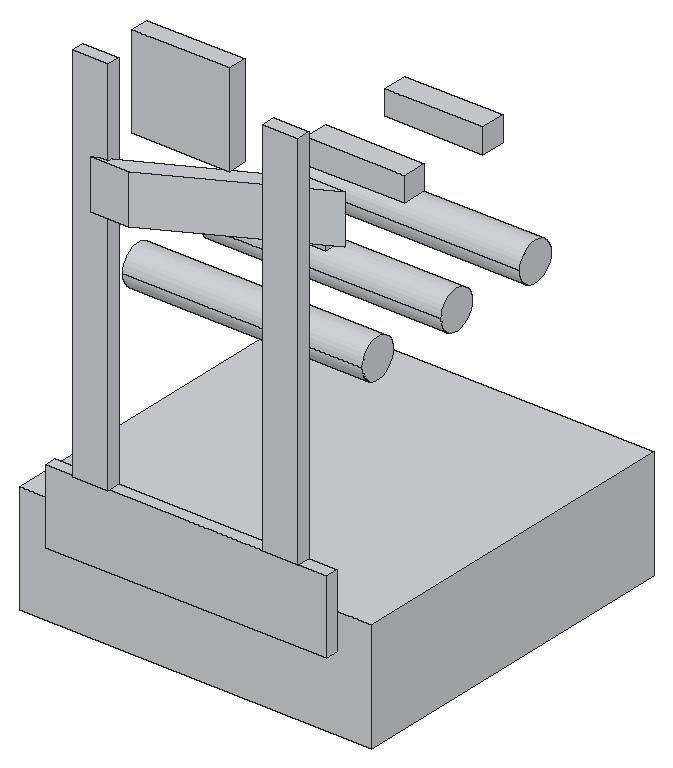
Revit family "GIS_Disconnector", category Modelos genéricos, Revit 2027
Family settings
  Pode hospedar o vergalhão = Não
  Cota do conector redondo = Utilizar diâmetro
  Tipo de parte = Normal
  Com base no plano de trabalho = Não
  Sempre na vertical = Sim
  Corte com vazios quando carregada = Não
  Manter orientação da anotação = Não
  Compartilhado = Não
  Ponto de cálculo do ambiente = Não
Parameters (values of type "GIS_DS_145KV_STUDY")
  Elevação padrão = 0 mm
  BIM_TensaoSecundaria_kV = 0
  BIM_TensaoNominal_kV = 138
  BIM_TensaoClasse_kV = 145
  BIM_TensaoClasseSecundaria_kV = 0
  BIM_Sistema_Elemento [instance] = ""
  BIM_ReferenciaCatalogo = "GE Vernova F35 145 kV product family; mechanism envelope estimated"
  BIM_Profundidade = 800 mm
  BIM_Potencia_MVA = 0
  BIM_Localizacao [instance] = ""
  BIM_Largura = 800 mm
  BIM_Impedancia_pu = 0
  BIM_FonteGeometria = "GE Vernova F35 145 kV product family; mechanism envelope estimated"
  BIM_Fabricante = "NAO SELECIONADO"
  BIM_EstadoGeometria = "ESTIMATED"
  BIM_EstadoEspecificacao = "PREMISSA / NAO SELECIONADO"
  BIM_DescricaoEstudo = "Seccionadora GIS com mecanismo indicativo; detalhes internos e arranjo do fabricante não representados."
  BIM_CorrenteReferenciaSecundaria_A = 0
  BIM_CorrenteNominal_A = 0
  BIM_Bay [instance] = ""
  BIM_AlturaCorpoPrincipal = 252 mm
  BIM_Altura = 1400 mm
Reference planes
  plane 1 "Centro (Frente/Trás)": y = 0
  plane 2: z = 0
  plane 3 "Centro (Esquerda/Direita)": x = 0
  plane 4 "BIM Left": x = -400
  plane 5 "BIM Right": x = 400
  plane 6 "BIM Front": y = -400
  plane 7 "BIM Back": y = 400
Forms (mm)
  Extrusion 1, solid
    sketch origin (0, 0, 0) x (1, 0, 0) y (0, 1, 0)
      loop
        line (-400, -400) -> (400, -400) -> (400, 400) -> (-400, 400) -> (-400, -400)
    from 0 to 252 <- "BIM_AlturaCorpoPrincipal"
  Extrusion 2, solid
    sketch origin (0, 0, 168) x (1, 0, 0) y (0, 1, 0)
      loop
        line (-320, -427.432) -> (320, -427.432) -> (320, -400) -> (-320, -400) -> (-320, -427.432)
    from 0 to 168
  Extrusion 3, solid
    sketch origin (0, 0, 336) x (1, 0, 0) y (0, 1, 0)
      loop
        line (-256, -430.48) -> (-176, -430.48) -> (-176, -400) -> (-256, -400) -> (-256, -430.48)
    from 0 to 868
  Extrusion 4, solid
    sketch origin (0, 0, 336) x (1, 0, 0) y (0, 1, 0)
      loop
        line (176, -430.48) -> (256, -430.48) -> (256, -400) -> (176, -400) -> (176, -430.48)
    from 0 to 868
  Extrusion 5, solid
    sketch origin (0, 0, 896) x (1, 0, 0) y (0, 1, 0)
      loop
        line (-208, -439.624) -> (-120, -439.624) -> (224, -256) -> (144, -256) -> (-208, -439.624)
    from 0 to 112
  Extrusion 6, solid
    sketch origin (0, 0, 1092) x (1, 0, 0) y (0, 1, 0)
      loop
        line (-112, -442.672) -> (112, -442.672) -> (112, -400) -> (-112, -400) -> (-112, -442.672)
    from 0 to 210
  Extrusion 7, solid
    sketch origin (-272, -224, 672) x (0, 1, 0) y (0, 0, 1)
      loop
        circle (0, 0) r 44
    from 0 to 544
  Extrusion 8, solid
    sketch origin (0, 0, 868) x (1, 0, 0) y (0, 1, 0)
      loop
        line (-48, -252) -> (176, -252) -> (176, -196) -> (-48, -196) -> (-48, -252)
    from 0 to 56
  Extrusion 9, solid
    sketch origin (-272, 0, 672) x (0, 1, 0) y (0, 0, 1)
      loop
        circle (0, 0) r 44
    from 0 to 544
  Extrusion 10, solid
    sketch origin (0, 0, 868) x (1, 0, 0) y (0, 1, 0)
      loop
        line (-48, -28) -> (176, -28) -> (176, 28) -> (-48, 28) -> (-48, -28)
    from 0 to 56
  Extrusion 11, solid
    sketch origin (-272, 224, 672) x (0, 1, 0) y (0, 0, 1)
      loop
        circle (0, 0) r 44
    from 0 to 544
  Extrusion 12, solid
    sketch origin (0, 0, 868) x (1, 0, 0) y (0, 1, 0)
      loop
        line (-48, 196) -> (176, 196) -> (176, 252) -> (-48, 252) -> (-48, 196)
    from 0 to 56
Dimensions and locks
  "BIM_Largura": plane 4 "BIM Left" to plane 5 "BIM Right"
  "BIM_Profundidade": plane 6 "BIM Front" to plane 7 "BIM Back"
  aligned and locked: level to plane 2
  aligned and locked: plane 4 "BIM Left" to Extrusion 1
  aligned and locked: Extrusion 1 to plane 5 "BIM Right"
  aligned and locked: Extrusion 1 to plane 6 "BIM Front"
  aligned and locked: plane 7 "BIM Back" to Extrusion 1
Automatic sketch dimensions
  Extrusion 1 sketch curve to plane 4 "BIM Left" = 0 mm
  Extrusion 1 sketch curve to plane 5 "BIM Right" = 0 mm
  Extrusion 1 sketch curve to plane 6 "BIM Front" = 0 mm
  Extrusion 1 sketch curve to plane 7 "BIM Back" = 0 mm
  Extrusion 2 sketch curve to plane 6 "BIM Front" = 0 mm
  Extrusion 2 sketch curve to plane 6 "BIM Front" = 27.432 mm
  Extrusion 2 sketch curve to plane 4 "BIM Left" = 80 mm
  plane 5 "BIM Right" to Extrusion 2 sketch curve = 80 mm
  Extrusion 3 sketch curve to plane 6 "BIM Front" = 0 mm
  Extrusion 3 sketch curve to plane 6 "BIM Front" = 30.48 mm
  Extrusion 3 sketch curve to plane 4 "BIM Left" = 144 mm
  Extrusion 3 sketch curve to Extrusion 3 sketch curve = 80 mm
  Extrusion 4 sketch curve to plane 6 "BIM Front" = 0 mm
  Extrusion 4 sketch curve to plane 6 "BIM Front" = 30.48 mm
  plane 3 "Centro (Esquerda/Direita)" to Extrusion 4 sketch curve = 176 mm
  Extrusion 4 sketch curve to Extrusion 4 sketch curve = 80 mm
  Extrusion 5 sketch curve to plane 6 "BIM Front" = 39.624 mm
  Extrusion 5 sketch curve to plane 4 "BIM Left" = 192 mm
  Extrusion 5 sketch curve to Extrusion 5 sketch curve = 88 mm
  plane 3 "Centro (Esquerda/Direita)" to Extrusion 5 sketch curve = 144 mm
  Extrusion 5 sketch curve to Extrusion 5 sketch curve = 80 mm
  plane 6 "BIM Front" to Extrusion 5 sketch curve = 144 mm
  Extrusion 6 sketch curve to plane 6 "BIM Front" = 0 mm
  Extrusion 6 sketch curve to plane 6 "BIM Front" = 42.672 mm
  Extrusion 6 sketch curve to plane 3 "Centro (Esquerda/Direita)" = 112 mm
  plane 3 "Centro (Esquerda/Direita)" to Extrusion 6 sketch curve = 112 mm
  Extrusion 7 sketch curve to Extrusion 7 sketch curve = 0 mm  (x2)
  plane 6 "BIM Front" to Extrusion 7 sketch curve = 176 mm
  level to Extrusion 7 sketch curve = 672 mm
  Extrusion 7 sketch curve to Extrusion 7 sketch curve = 44 mm
  Extrusion 8 sketch curve to plane 3 "Centro (Esquerda/Direita)" = 48 mm
  plane 3 "Centro (Esquerda/Direita)" to Extrusion 8 sketch curve = 176 mm
  plane 6 "BIM Front" to Extrusion 8 sketch curve = 148 mm
  Extrusion 8 sketch curve to Extrusion 8 sketch curve = 56 mm
  Extrusion 9 sketch curve to Extrusion 9 sketch curve = 0 mm  (x2)
  Extrusion 9 sketch curve to plane 1 "Centro (Frente/Trás)" = 0 mm
  level to Extrusion 9 sketch curve = 672 mm
  plane 1 "Centro (Frente/Trás)" to Extrusion 9 sketch curve = 44 mm
  Extrusion 10 sketch curve to plane 3 "Centro (Esquerda/Direita)" = 48 mm
  Extrusion 10 sketch curve to plane 1 "Centro (Frente/Trás)" = 28 mm
  plane 3 "Centro (Esquerda/Direita)" to Extrusion 10 sketch curve = 176 mm
  plane 1 "Centro (Frente/Trás)" to Extrusion 10 sketch curve = 28 mm
  Extrusion 11 sketch curve to Extrusion 11 sketch curve = 0 mm  (x2)
  Extrusion 11 sketch curve to plane 7 "BIM Back" = 176 mm
  level to Extrusion 11 sketch curve = 672 mm
  Extrusion 11 sketch curve to Extrusion 11 sketch curve = 44 mm
  Extrusion 12 sketch curve to plane 3 "Centro (Esquerda/Direita)" = 48 mm
  plane 3 "Centro (Esquerda/Direita)" to Extrusion 12 sketch curve = 176 mm
  Extrusion 12 sketch curve to plane 1 "Centro (Frente/Trás)" = 196 mm
  Extrusion 12 sketch curve to Extrusion 12 sketch curve = 56 mm
